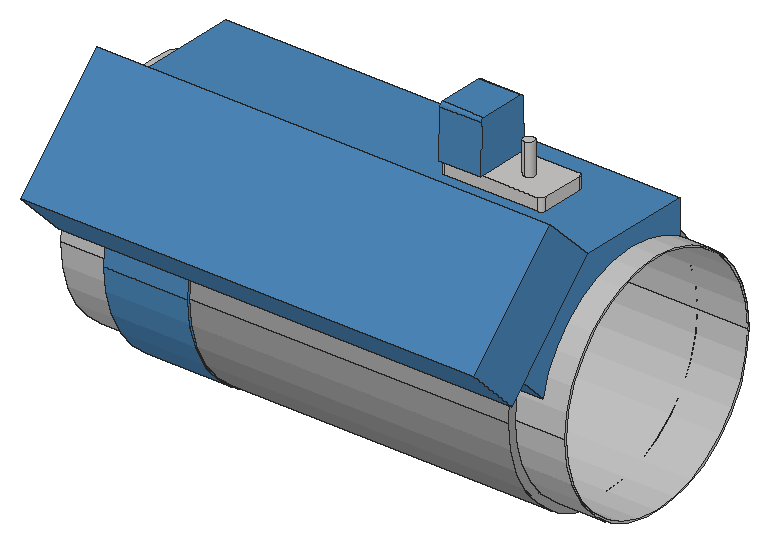
Revit family "02.25-2-2026-EcoAir Valves", category Duct Accessories, Revit 2020
Family settings
  Round Connector Dimension = Use Diameter
  Part Type = Damper
  OmniClass Number = 23.75.65.14.14.17
  OmniClass Title = Flow Controls
  Work Plane-Based = No
  Always vertical = Yes
  Cut with Voids When Loaded = Yes
  Shared = No
Parameters (values of type "14")
  Unit Component Apparent Power = 0 VA
  Type 3 = and([3], or([10], [12], [14]))  # no
  Type 2 = and([2], or([10], [12], [14]))  # no
  Triatek Products [instance] = "https://www.triatek.com/products-and-solutions/air-valves/ecoair-valves.html"
  Size 8 Visibility = if(Single, 1 = 1, if(Show Invalid Model, 1 = 1, 1 = 0))  # yes
  Show Invalid Model = if(and(or([2], [3]), not(or([10], [12], [14]))), 1 = 1, 1 = 0)  # no
  Selected Unit Size [instance] = if([08], "08", if([10], "10", if([12], "12", if([14], "14", "Select Valid Unit Size"))))  # "14"
  Round Length = if(Single, 0", 10")  # 0"
  Round Distance = if(Single, A, 5")  # 30"
  Round Connector Description = if(Valve Dia = 1", "Disabled", "Round Duct Conector")  # "Round Duct Conector"
  Performance Selection Software [instance] = ""
  Model = "Eco-Air Valve"  # constant formula
  Invalid Material = Area - Warning
  Distance = if(Single, 5", 0")  # 5"
  Design Voltage = 0 V
  Design Air Flow = 0 CFM
  Default Elevation = 0"
  D3 = D2 / 2 - 1" - Inner Dia / 2  # 16.275"
  c1 = C / 2 - 1" - Inner Dia / 2  # 9"
  Show Single Eco = and(not(Single), or([10], [12], [14]))  # no
  Outer Rad = Outer Dia / 2  # 7.18"
  Outer Dia = Dia + 0.87" - 0.13"  # 14.36"
  Inner Dia = if([08], 8", if([10], 10", if([12], 12", if([14], 14", 8")))) - 0.25"  # 13.75"
  D2 = if(and([3], [10]), 33.75", if(and([3], [12]), 40", if(and([3], [14]), 48.3", 48.3")))  # 48.3"
  D1 = if(and([2], [10]), 22.63", if(and([2], [12]), 26.75", if(and([2], [14]), 32.15", 22.63")))  # 22.63"
  Connector Distance = if(Single, 5", A)  # 5"
  Connector Description = if(Collar Width = 1", "Disabled", "Rectangular Duct Conector")  # "Disabled"
  Collar Width = if(Single, 1", C)  # 1"
  Collar Height = if(Single, 1", D)  # 1"
  Valve Dia = if(Single, Dia, 1")  # 13.62"
  C3 = C / 2 - 1" - Inner Dia / 2  # 9"
  C2 = if(Single, 0", C / 2 - 1" - Inner Dia / 2)  # 0"
  Actual Power Factor = 1
  3 Way Eco = and(not(or([2], Single)), or([10], [12], [14]))  # no
  3 = 1 = 0  # no
  2 way Eco = and(not(Single), or([10], [12], [14]))  # no
  2 = 1 = 0  # no
  14 = Select Unit Size > 3  # yes
  12 = Select Unit Size = 3  # no
  10 = Select Unit Size = 2  # no
  Single = 1 = 1  # yes
  08 = Select Unit Size < 2  # no
  Weight per sq ft = 0
  URL = "https://www.triatek.com/"
  Triple- 90 VA = [3]  # no
  Single-30 VA = Single  # yes
  Shaft and Support Material = Metal - Steel
  Series [instance] = ""
  Selected Valve Housing [instance] = "SS316 18 Gauge"  # constant formula
  Selected Shaft Bearings [instance] = "PTFE"  # constant formula
  Selected Shaft [instance] = "SS316 5/8 in. Round Stock"  # constant formula
  Selected Seal [instance] = "Neaoprene"  # constant formula
  Selected Model [instance] = if(Show Invalid Model, "Invalid Selection", if(Single, "1-Single", if([2], "2", if([3], "3", "Select Valid Type"))))  # "1-Single"
  Selected Material [instance] = "Aluminum"  # constant formula
  Selected Air Fins [instance] = "Formex"  # constant formula
  Show Room Tag = no
  Select Unit Size = 4
  Room Tag [instance] = "[Enter Tag Here]"
  Product Manufacture [instance] = Manufacturer  # "Triatek"
  Product Documents [instance] = "https://www.triatek.com/products-and-solutions/air-valves.html"
  Power Requirements = if([Single-30 VA], "Single-30 VA", if([Dual-60 VA], "Dual-60 VA", "Triple- 90 VA"))  # "Single-30 VA"
  Outer Prevention Material = Metal - Aluminum - Powder Coated - Pearl White
  Operating Pressure = "0.01 in W.G. to 10 in W.G. differential pressure across valve"  # constant formula
  Network = "BACnet MS/TP"  # constant formula
  Model Description [instance] = Description  # "Ultra-low pressure drop air valve"
  Manufacturer = "Triatek"  # constant formula
  Input Power = "24 VAC 20% 50Hz/60Hz"  # constant formula
  Humidity = "0% RH to 90% RH"  # constant formula
  Material = Metal - Aluminum - Satin
  Failure Modes = "FA= Fail to close or open (optimal for critical applications)"  # constant formula
  Dual-60 VA = [2]  # no
  Dia = if([08], 7.88", if([10], 9.74", if([12], 11.68", if([14], 13.62", 7.88"))))  # 13.62"
  Description = "Ultra-low pressure drop air valve"  # constant formula
  D = if([10], 11.44", if([12], 13.5", if([14], 16", 11.44")))  # 16"
  Copyright © [instance] = "©2026, Triatek Inc."  # constant formula
  Controller Material = Paint - Powder - York Blue
  Contact a Triatek Rep [instance] = "https://www.triatek.com/find-a-rep.html"
  CFM Feedback Signal = "0 VDC to 10 VDC with Default Scaling set to 1V=100 CFM"  # constant formula
  CFM Command Signal = "0 VDC to 10 VDC with Default Scaling set to 1V=100 CFM"  # constant formula
  C = if(and([2], [10]), 22.63", if(and([3], [10]), 33.75", if(and([2], [12]), 26.75", if(and([3], [12]), 40", if(and([2], [14]), 32.15", if(and([3], [14]), 48.3", 33.75"))))))  # 33.75"
  B = if([08], 11.92", if([10], 14.45", if([12], 16.44", if([14], 18.38", 11.92"))))  # 18.38"
  Ambient Environment Temperature = "-22 F to 122  F (-30 C to 50 C)"  # constant formula
  Airstream Operating Temperature = "0 F to 122 F (-7.78 C to 50 C)"  # constant formula
  Actual Shipping Weight [instance] = 0 lbm
  Accuracy = "5% or 10cfm Whichever is greater"  # constant formula
  A = if([08], 23", if([10], 26", if([12], 26.8", if([14], 30", 23"))))  # 30"
Types (4): name | Selected Unit Size | Round Distance | D3 | c1 | Outer Rad | Outer Dia | Inner Dia | Valve Dia | C3 | 14 | 12 | 10 | 08 | Select Unit Size | Dia | D | B | A
  08 | "08" | 23" | 19.275" | 12" | 4.31" | 8.62" | 7.75" | 7.88" | 12" | no | no | no | yes | 1 | 7.88" | 11.44" | 11.92" | 23"
  12 | "12" | 26.8" | 17.275" | 10" | 6.21" | 12.42" | 11.75" | 11.68" | 10" | no | yes | no | no | 3 | 11.68" | 13.5" | 16.44" | 26.8"
  10 | "10" | 26" | 18.275" | 11" | 5.24" | 10.48" | 9.75" | 9.74" | 11" | no | no | yes | no | 2 | 9.74" | 11.44" | 14.45" | 26"
  14 | "14" | 30" | 16.275" | 9" | 7.18" | 14.36" | 13.75" | 13.62" | 9" | yes | no | no | no | 4 | 13.62" | 16" | 18.38" | 30"
Reference planes (in)
  plane 1 "Center (Front/Back)": y = 0
  plane 2: z = 0.00052
  plane 3 "Center (Left/Right)": x = 0
  plane 4: y = 16.875
  plane 5: y = -16.875
  plane 6: x = -15
  plane 7: x = 15
  plane 8: z = 11.57052
  plane 9: z = 0.00052
  plane 10: z = 8.00052
  plane 11: z = -7.99948
  plane 12: y = 0
  plane 13: y = 9
  plane 14: z = 6.81052
  plane 15: z = -6.80948
  plane 16: x = 17
  plane 17: x = -17
Lines and regions (in)
  model lines, style "Model_Line", detail levels coarse
    curve 1: line (17, -16.875, 8.00052) -> (17, 16.875, 8.00052)
    curve 2: line (17, -16.875, -7.99948) -> (17, -16.875, 8.00052)
    curve 3: line (17, 16.875, -7.99948) -> (17, -16.875, -7.99948)
    curve 4: line (17, 16.875, 8.00052) -> (17, 16.875, -7.99948)
    curve 5: line (-17, -16.875, 8.00052) -> (-17, 16.875, 8.00052)
    curve 6: line (-17, -16.875, -7.99948) -> (-17, -16.875, 8.00052)
    curve 7: line (-17, 16.875, -7.99948) -> (-17, -16.875, -7.99948)
    curve 8: line (-17, 16.875, 8.00052) -> (-17, 16.875, -7.99948)
    curve 9: line (-17, 16.875, -7.99948) -> (17, 16.875, -7.99948)
    curve 10: line (-17, -16.875, -7.99948) -> (17, -16.875, -7.99948)
    curve 11: line (-17, 16.875, 8.00052) -> (17, 16.875, 8.00052)
    curve 12: line (-17, -16.875, 8.00052) -> (17, -16.875, 8.00052)
  reference lines
    curve 13: line (-2.5, 5, 0.00052) -> (2.5, 5, 0.00052)
    curve 14: line (-15, 0, 0.00052) -> (15, 0, 0.00052)
Dimensions and locks (in)
  "B": plane 8 to plane 15
  equal spacing: plane 7, plane 3 "Center (Left/Right)", plane 6
  "A": plane 7 to plane 6
  equal spacing: plane 5, plane 1 "Center (Front/Back)", plane 4
  "C": plane 5 to plane 4
  equal spacing: plane 10, plane 9, plane 11
  "D": plane 10 to plane 11
  "C2": plane 12 to plane 1 "Center (Front/Back)"
  "c1": plane 1 "Center (Front/Back)" to plane 13
  equal spacing: plane 14, plane 9, plane 15
  "Dia": plane 14 to plane 15
  locked: plane 16 to plane 7 at 2
  locked: plane 6 to plane 17 at 2
  "Connector Distance": curve 13 to curve 13
  equal spacing: curve 13, plane 3 "Center (Left/Right)", curve 13
  "Distance": plane 1 "Center (Front/Back)" to curve 13
  equal spacing: curve 14, plane 3 "Center (Left/Right)", curve 14
  "Round Distance": curve 14 to curve 14
  "Round Length": curve 14 to plane 1 "Center (Front/Back)"
  aligned and locked: plane 2 to level
  aligned and locked: nested 1 to plane 1 "Center (Front/Back)"
  aligned and locked: plane 9 to nested 1
  aligned and locked: nested 1 to plane 7
  aligned and locked: curve 4 to plane 4
  aligned and locked: curve 8 to plane 4
  aligned and locked: plane 5 to curve 2
  aligned and locked: plane 5 to curve 6
  aligned and locked: plane 11 to curve 3
  aligned and locked: curve 5 to plane 10
  aligned and locked: curve 1 to plane 10
  aligned and locked: plane 11 to curve 7
  aligned and locked: plane 16 to curve 10
  aligned and locked: plane 17 to curve 10
  aligned and locked: curve 10 to plane 5
  aligned and locked: plane 16 to curve 12
  aligned and locked: plane 17 to curve 12
  aligned and locked: curve 12 to plane 5
  aligned and locked: plane 16 to curve 9
  aligned and locked: plane 17 to curve 9
  aligned and locked: curve 9 to plane 4
  aligned and locked: plane 16 to curve 11
  aligned and locked: plane 17 to curve 11
  aligned and locked: curve 11 to plane 4
  aligned and locked: plane 3 "Center (Left/Right)" to nested 2
  aligned and locked: plane 1 "Center (Front/Back)" to nested 2
  aligned and locked: nested 3 to plane 8
  aligned and locked: nested 3 to plane 1 "Center (Front/Back)"
  aligned and locked: plane 3 "Center (Left/Right)" to nested 3
  aligned and locked: plane 2 to plane 9
Nested families (in)
  nested 1: "Titus_EcoAir" at (0, 0, 0) x (0, 1, 0) z (0, 0, 1), visible <- "Size 8 Visibility", type "Titus_EcoAir", detail levels medium+fine
    with Series "", Selected Material "Aluminum", Product Manufacture "", Product Documentation Link "", Model Description "", Copyright © "©2024, Titus", Contact a Titus Rep "", Actual Shipping Weight 0 lbm, SSM Length 21", Length 25", C Height 17.15", 14 yes, 10 no, Support 2 6.5", Support 1 1.95", Outer dia 1 14.56", Outer Dia 14.69", Inner Dia 13.49", Dia 13.62", Controller Side distance 3", Controller Length 27", Controller Distance 1 11.81", Controller Distance 7.81", Outer Rad 7.345", C 19.15", B 18.38", A 30"
  nested 2: "Model_Name" at (0, 0, 0), visible <- "Show Room Tag", type "Model_Name"
  nested 3: "Invalid Model Text" at (0, 0, 11.57052) x (0, 1, 0) z (0, 0, 1), Material <- "Invalid Material", type "Invalid Model Text"
    with Material Area - Warning
  nested 4: "Warning-Message-ADT_Readme" at (3, -47.36556, 0), type "Warning-Message-JCI_Readme", not visible
Connectors (in)
  hvac at (15, 0, 0.00052), driven by "Valve Dia", driven by "Design Air Flow", driven by "Round Connector Description"
    settings: on curve 14, index 8, duct flow 0 CFM, flow factor 0, pres drop 0.00 in-wg, loss coef 0, conn angle 0.00°, conn width 12", conn height 12", conn diameter 13.62", duct sys type 1, conn prof type 0, flow config 0, flow direction 0, loss method 0, conn ref index -1, conn util no, is conn primary yes, conn desc "Round Duct Conector"
  hvac at (-15, 0, 0.00052), driven by "Valve Dia", driven by "Design Air Flow", driven by "Round Connector Description"
    settings: on curve 14, index 9, duct flow 0 CFM, flow factor 0, pres drop 0.00 in-wg, loss coef 0, conn angle 0.00°, conn width 12", conn height 12", conn diameter 13.62", duct sys type 1, conn prof type 0, flow config 0, flow direction 0, loss method 0, conn ref index -1, conn util no, is conn primary no, conn desc "Round Duct Conector"
  electrical at (6.37767, 0, 8.5324), driven by "Design Voltage", driven by "Unit Component Apparent Power", driven by "Actual Power Factor"
    settings: on nested 1, index 10, voltage 0 V, apparent load 0 VA, apparent load phase1 0 VA, apparent load phase2 0 VA, apparent load phase3 0 VA, power factor 1, load classification "Other", number of poles 1, system type 31, power factor state 1, is connector primary yes, connector utility no, sub classification motor no, connector description "Electrical Connector"
Definition of nested family "Titus_EcoAir"
  Parameters (values of type "Titus_EcoAir")
    SSM Length = Length - 4"  # 17"
    Length = Controller Length - 2"  # 21"
    Default Elevation = 0"
    Controller Visibility = yes
    C Height = if([08], 11.29", if([10], 13.15", if([12], 15.15", if([14], 17.15", 11.29"))))  # 13.15"
    Box Visibility = no
    14 = no
    12 = no
    10 = yes
    08 = no
    Weight per sq ft = 0
    URL = ""
    Support 2 = if([08], 5", if([10], 6", if([12], 6.25", if([14], 6.5", 5.75"))))  # 6"
    Support 1 = if([08], 2", if([10], 2.2", if([12], 2", if([14], 1.95", 2.31"))))  # 2.2"
    Shaft and Support Material = none
    Series [instance] = ""
    Selected Material [instance] = "Aluminum"  # constant formula
    Product Manufacture [instance] = Manufacturer  # ""
    Product Documentation Link [instance] = ""
    Outer dia 1 = Outer Dia - 0.13"  # 10.68"
    Outer Prevention Material = none
    Outer Dia = Dia + 0.87" + 0.2"  # 10.81"
    Model Description [instance] = Description  # ""
    Manufacturer = ""
    Inner Dia = if([08], 7.88", if([10], 9.74", if([12], 11.68", if([14], 13.62", 7.88")))) - 0.13"  # 9.61"
    Frame & Blade Material = none
    Dia = if([08], 7.88", if([10], 9.74", if([12], 11.68", if([14], 13.62", 7.88"))))  # 9.74"
    Description = ""
    Copyright © [instance] = "©2024, Titus"  # constant formula
    Controller Side distance = if([08], 2.01", if([10], 2.3", if([12], 2.6", if([14], 3", 2.01"))))  # 2.3"
    Controller Material = none
    Controller Length = A - 3"  # 23"
    Controller Distance 1 = if([08], Controller Distance + 2.4", if([10], Controller Distance + 3.2", if([12], Controller Distance + 3.68", if([14], Controller Distance + 4", Controller Distance + 2.4"))))  # 9.07"
    Controller Distance = Dia / 2 + 1"  # 5.87"
    Contact a Titus Rep [instance] = ""
    Outer Rad = Outer Dia / 2  # 5.405"
    C = if([08], 13.79", if([10], 15.78", if([12], 17.47", if([14], 19.15", 13.79"))))  # 15.78"
    B = if([08], 11.92", if([10], 14.45", if([12], 16.44", if([14], 18.38", 11.92"))))  # 14.45"
    Actual Shipping Weight [instance] = 0 lbm
    A = if([08], 23", if([10], 26", if([12], 26.8", if([14], 30", 23"))))  # 26"
  Reference planes (in)
    plane 1 "Center (Front/Back)": y = 0
    plane 2: z = 0.00052
    plane 3 "Center (Left/Right)": x = 0
    plane 4: y = -13
    plane 5: y = 13
    plane 6: z = 9.58052
    plane 7: z = -4.86948
    plane 8: z = 4.87052
    plane 9: y = 11.375
    plane 10: y = -11.51781
    plane 11: y = -11.51781
    plane 12: y = 11.48219
    plane 13: x = 5.405
    plane 14: x = -10.375
    plane 15: y = 5
    plane 16: y = 10
    plane 17: z = -5.40448
    plane 18: y = -1.35517
    plane 19: y = -3.80827
    plane 20: y = -7.40017
    plane 21: y = -7.5
    plane 22: y = -10
    plane 23: z = 6.59052
  Forms (in)
    Extrusion 1, solid, material <- "Frame & Blade Material"
      sketch origin (0, 0, 0) x (1, 0, 0) y (0, 0, 1)
        loop
          circle (0, 0.00052) r 4.87
        loop
          circle (0, 0.00052) r 4.805
      from -13 to 13
    Extrusion 2, solid, material <- "Controller Material", visible <- "Controller Visibility"
      sketch origin (0, 0, 0) x (1, 0, 0) y (0, 0, 1)
        loop
          line (-8.08829, 0.21366) -> (-2.43143, 5.87052) -> (-4.69417, 8.13326) -> (-10.35103, 2.4764) -> (-8.08829, 0.21366)
      from -11.48219 to 11.51781
    Extrusion 3, solid, material <- "Controller Material"
      sketch origin (0, 0, 0) x (1, 0, 0) y (0, 0, 1)
        loop
          circle (0, 0.00052) r 4.87
        loop
          circle (0, 0.00052) r 5.405
      from -10 to -5
    Extrusion 4, solid, material <- "Controller Material"
      sketch origin (0, 0, 0) x (1, 0, 0) y (0, 0, 1)
        loop
          line (-1.55045, 9.38723) -> (-1.62186, 6.59052) -> (1.62186, 6.59052) -> (1.55045, 9.38723)
          arc (1.55045, 9.38723) -> (1.48959, 9.52429) -> (1.35057, 9.58052) r 0.2
          line (1.35057, 9.58052) -> (-1.35057, 9.58052)
          arc (-1.35057, 9.58052) -> (-1.48959, 9.52429) -> (-1.55045, 9.38723) r 0.2
      from 1.35517 to 3.80827
    Extrusion 5, solid, material <- "Shaft and Support Material"
      sketch origin (-60, -180.25, -16.25) x (-1, 0, 0) y (0, -1, 0)
        loop
          circle (-60, -174.84983) r 0.3125
      from 11.38052 to 24.53052
    Extrusion 6, solid, material <- "Shaft and Support Material"
      sketch origin (-60, -180, -16.25) x (-1, 0, 0) y (0, -1, 0)
        loop
          arc (-58.7488, -178.64483) -> (-58.57203, -178.57161) -> (-58.4988, -178.39483) r 0.25
          line (-58.4988, -178.39483) -> (-58.4988, -172.84983)
          arc (-58.4988, -172.84983) -> (-58.57203, -172.67305) -> (-58.7488, -172.59983) r 0.25
          line (-58.7488, -172.59983) -> (-61.2512, -172.59983)
          arc (-61.2512, -172.59983) -> (-61.42797, -172.67305) -> (-61.5012, -172.84983) r 0.25
          line (-61.5012, -172.84983) -> (-61.5012, -178.39483)
          arc (-61.5012, -178.39483) -> (-61.42797, -178.57161) -> (-61.2512, -178.64483) r 0.25
          line (-61.2512, -178.64483) -> (-58.7488, -178.64483)
      from 22.12052 to 22.84239
    Extrusion 7, solid, material <- "Outer Prevention Material"
      sketch origin (0, -6.25, 0) x (1, 0, 0) y (0, 0, 1)
        loop
          circle (0, 0.00052) r 4.87
        loop
          circle (0, 0.00052) r 5.34
      from -11.25 to 3.75
  Lines and regions (in)
    reference lines
      curve 1: line (0, 0, 0.00052) -> (7.42436, 0, 7.42488)
      curve 2: line (0, 0, 0.00052) -> (-7.07091, 0, 7.07143)
      curve 3: line (0, 0, 0.00052) -> (1.5, 0, 2.59859)
  Dimensions and locks (in)
    equal spacing: plane 4, plane 1 "Center (Front/Back)", plane 5
    "A": plane 4 to plane 5
    equal spacing: plane 8, plane 2, plane 7
    "Dia": plane 8 to plane 7
    locked: plane 4 to plane 10 at 1.48219
    locked: plane 9 to plane 5 at 1.625
    locked: Extrusion 2 sketch curve to Extrusion 2 sketch curve at 8
    locked: plane 4 to plane 11 at 1.48219
    "Controller Length": plane 12 to plane 11
    "C": plane 14 to plane 13
    locked: plane 5 to plane 16 at 3
    "Controller Distance": curve 1 to Extrusion 2 sketch curve
    "Controller Distance 1": curve 1 to Extrusion 2 sketch curve
    locked: plane 2 to curve 2 at 0
    locked: curve 2 to plane 3 "Center (Left/Right)" at 0
    "Outer Rad": plane 2 to plane 17
    "B": plane 6 to plane 7
    locked: plane 20 to plane 21 at 0.09983
    locked: plane 19 to plane 20 at 3.5919
    locked: plane 18 to plane 21 at 6.14483
    "C Height": Extrusion 5 to plane 7
    locked: Extrusion 6 to plane 8 at 1.72188
    locked: Extrusion 6 to plane 8 at 1
    "Outer Rad": plane 3 "Center (Left/Right)" to plane 13
    locked: Extrusion 5 sketch curve to plane 20 at 2
    locked: plane 16 to plane 15 at 5
    locked: plane 22 to plane 4 at 3
    locked: plane 23 to plane 8 at 1.72
    locked: plane 21 to plane 22 at 2.5
    locked: curve 3 to plane 2
    locked: curve 3 to plane 3 "Center (Left/Right)" at 0
    curve 3 to curve 3 = 3"
    "Inner Dia": diameter of Extrusion 1 sketch curve
    "Dia": diameter of Extrusion 1 sketch curve
    "Dia": diameter of Extrusion 3 sketch curve
    "Outer Dia": diameter of Extrusion 3 sketch curve
    radius of Extrusion 5 sketch curve = 0.3125"
    radius of Extrusion 6 sketch curve = 0.25"  (x4)
    "Dia": diameter of Extrusion 7 sketch curve
    "Outer dia 1": diameter of Extrusion 7 sketch curve
    radius of Extrusion 4 sketch curve = 0.2"  (x2)
    locked: Extrusion 2 sketch curve to curve 2 (angle 90.00°)  (x2)
    locked: curve 1 to Extrusion 2 sketch curve (angle 90.00°)  (x2)
    locked: plane 3 "Center (Left/Right)" to curve 1 (angle 135.00°)
    locked: plane 3 "Center (Left/Right)" to curve 2 (angle 45.00°)
    locked: plane 3 "Center (Left/Right)" to curve 3 (angle 150.00°)
    aligned and locked: plane 2 to level
    aligned and locked: plane 2 to Extrusion 1 sketch curve  (x2)
    aligned and locked: plane 3 "Center (Left/Right)" to Extrusion 1 sketch curve  (x2)
    aligned and locked: plane 5 to Extrusion 1
    aligned and locked: Extrusion 1 to plane 4
    aligned and locked: plane 11 to Extrusion 2
    aligned and locked: plane 12 to Extrusion 2
    aligned and locked: plane 2 to Extrusion 3 sketch curve
    aligned and locked: plane 3 "Center (Left/Right)" to Extrusion 3 sketch curve
    aligned and locked: Extrusion 3 to plane 15
    aligned and locked: plane 16 to Extrusion 3
    aligned and locked: plane 3 "Center (Left/Right)" to nested 1
    aligned and locked: plane 2 to nested 1
    aligned and locked: plane 11 to nested 1
    aligned and locked: Extrusion 2 sketch curve to nested 1
    aligned and locked: plane 3 "Center (Left/Right)" to Extrusion 5 sketch curve
    aligned and locked: Extrusion 6 sketch curve to plane 18
    aligned and locked: plane 20 to Extrusion 6 sketch curve
    aligned and locked: plane 18 to Extrusion 4
    aligned and locked: Extrusion 4 to plane 19
    aligned and locked: plane 15 to Extrusion 7
    aligned and locked: Extrusion 7 to plane 22
    aligned and locked: Extrusion 4 sketch curve to plane 23
    aligned and locked: plane 6 to Extrusion 4 sketch curve
    aligned and locked: Extrusion 5 to plane 7
    aligned and locked: nested 2 to nested 1
    aligned and locked: plane 12 to nested 2
  Automatic sketch dimensions
    Extrusion 3 sketch curve to Extrusion 3 sketch curve = 0"  (x2)
    plane 3 "Center (Left/Right)" to Extrusion 6 sketch curve = 1.5012"
    Extrusion 6 sketch curve to plane 3 "Center (Left/Right)" = 1.2512"
    Extrusion 7 sketch curve to Extrusion 7 sketch curve = 0"  (x2)
    Extrusion 7 sketch curve to plane 2 = 0"
    Extrusion 7 sketch curve to plane 3 "Center (Left/Right)" = 0"
    Extrusion 4 sketch curve to plane 3 "Center (Left/Right)" = 1.62186"
    Extrusion 4 sketch curve to plane 6 = 0.19329"  (x2)
    Extrusion 4 sketch curve to plane 3 "Center (Left/Right)" = 1.55045"
    plane 3 "Center (Left/Right)" to Extrusion 4 sketch curve = 1.35057"
    plane 3 "Center (Left/Right)" to Extrusion 4 sketch curve = 1.62186"
  Nested families (in)
    nested 1: "Family1" at (0, -11.51781, 0.00052), type "Family1"
      with X1 5.37", Support Distance 23", R+1 5.87", D 9.74", B1 4.87", A1 4.87"
    nested 2: "Box" at (-4.15072, 11.48219, 4.15123) x (-0.7071, 0, -0.7071) z (-0.7071, 0, 0.7071), type "Box"
      with Dist 17", Box no
  Definition of nested family "Family1"
    Parameters (values of type "Family1")
      X1 = [R+1] - 0.5"  # 7.44"
      Support Distance = 27"
      R+1 = D / 2 + 1"  # 7.94"
      Material = none
      Default Elevation = 0"
      D = 13.88"
      B1 = D / 2  # 6.94"
      A1 = D / 2  # 6.94"
    Reference planes (in)
      plane 1 "Center (Front/Back)": y = 0
      plane 2: z = 0
      plane 3 "Center (Left/Right)": x = 0
      plane 4: y = 27
      plane 5: y = 25.75
      plane 6: y = 20.25
    Forms (in)
      Extrusion 1, solid, not visible
        sketch origin (0, 0, 0) x (1, 0, 0) y (0, 0, 1)
          loop
            circle (0, 0) r 6.94
        from -27 to 0
      Extrusion 2, solid, material <- "Material"
        sketch origin (0, 0, 0) x (1, 0, 0) y (0, 0, 1)
          loop
            line (3.65114, 5.90193) -> (3.65114, 7.94) -> (-3.28886, 7.94) -> (-8.19618, 3.03268) -> (-6.75504, 1.59154)
            arc (-6.75504, 1.59154) -> (-2.65582, 6.41172) -> (3.65114, 5.90193) r 6.94
        from -27 to 0
      Extrusion 3, void
        sketch origin (0, 0, 0) x (1, 0, 0) y (0, 0, 1)
          loop
            line (3.96485, 5.69592) -> (3.96485, 7.44) -> (-3.08175, 7.44) -> (-8.06445, 2.4573) -> (-6.8312, 1.22405)
            arc (-6.8312, 1.22405) -> (-2.65582, 6.41172) -> (3.96485, 5.69592) r 6.94
        from -25.75 to -20.25
    Cuts and joins
      Extrusion 3 cuts Extrusion 2
    Lines and regions (in)
      reference lines
        curve 1: line (-8.48528, 0, -8.48528) -> (10.07627, 0, 10.07627)
        curve 2: line (9.54594, 0, -9.54594) -> (-7.6014, 0, 7.6014)
        curve 3: line (3.94992, 0, -9.53594) -> (-4.46912, 0, 10.78941)
    Dimensions and locks (in)
      "R+1": Extrusion 2 sketch curve to plane 2
      "R+1": curve 1 to Extrusion 2 sketch curve
      "A1": Extrusion 2 sketch curve to Extrusion 2 sketch curve
      "B1": Extrusion 2 sketch curve to Extrusion 2 sketch curve
      "Support Distance": plane 4 to plane 1 "Center (Front/Back)"
      locked: Extrusion 3 sketch curve to Extrusion 2 at 0.31371  (x2)
      "X1": curve 1 to Extrusion 3 sketch curve
      "X1": Extrusion 3 sketch curve to plane 2
      locked: plane 5 to plane 6 at 5.5
      locked: plane 4 to plane 5 at 1.25
      "D": diameter of Extrusion 1 sketch curve
      "D": diameter of Extrusion 2 sketch curve
      "D": diameter of Extrusion 3 sketch curve
      angle Extrusion 2 sketch curve to curve 2 = 90.00°
      angle plane 3 "Center (Left/Right)" to curve 3 to curve 2 = 22.50°, 22.50°
      aligned and locked: plane 2 to level
      aligned and locked: plane 3 "Center (Left/Right)" to Extrusion 1 sketch curve
      aligned and locked: plane 2 to Extrusion 1 sketch curve
      aligned and locked: plane 3 "Center (Left/Right)" to Extrusion 2 sketch curve
      aligned and locked: plane 2 to Extrusion 2 sketch curve
      aligned and locked: plane 1 "Center (Front/Back)" to Extrusion 1
      aligned and locked: plane 4 to Extrusion 1
      aligned and locked: plane 1 "Center (Front/Back)" to Extrusion 2
      aligned and locked: plane 4 to Extrusion 2
      aligned and locked: plane 2 to Extrusion 3 sketch curve
      aligned and locked: plane 3 "Center (Left/Right)" to Extrusion 3 sketch curve
      aligned and locked: plane 5 to Extrusion 3
      aligned and locked: Extrusion 3 to plane 6
    Automatic sketch dimensions
      curve 1 to plane 3 "Center (Left/Right)" = 8.48528"
      plane 3 "Center (Left/Right)" to curve 3 = 3.94992"
      curve 3 to level = 9.53594"
      curve 2 to curve 3 = 3.13228"
      plane 3 "Center (Left/Right)" to curve 1 = 10.07627"
      curve 2 to curve 3 = 0.01"
      curve 1 to level = 8.48528"
      level to curve 1 = 10.07627"
  Definition of nested family "Box"
    Parameters (values of type "Box")
      Material = none
      Dist = 20"
      Default Elevation = 48"
      Box = yes
    Reference planes (in)
      plane 1 "Center (Front/Back)": y = 0
      plane 2: z = 0
      plane 3 "Center (Left/Right)": x = 0
      plane 4: z = 2.62
    Forms (in)
      Extrusion 1, solid, material <- "Material", visible <- "Box"
        sketch origin (0, 0, 0) x (1, 0, 0) y (0, 1, 0)
          loop
            line (-2.07261, 20) -> (-2.07261, 0) -> (2.07261, 0) -> (2.07261, 20) -> (-2.07261, 20)
        from 0 to 2.62
    Dimensions and locks (in)
      equal spacing: Extrusion 1 sketch curve, plane 3 "Center (Left/Right)", Extrusion 1 sketch curve
      "Dist": plane 1 "Center (Front/Back)" to Extrusion 1 sketch curve
      locked: Extrusion 1 sketch curve to Extrusion 1 sketch curve at 4.14522
      plane 4 to plane 2 = 2.62"
      aligned and locked: plane 2 to level
      aligned and locked: Extrusion 1 sketch curve to plane 1 "Center (Front/Back)"
      aligned and locked: Extrusion 1 to plane 2
      aligned and locked: plane 4 to Extrusion 1
Definition of nested family "Model_Name"
  Parameters (values of type "Model_Name")
    Width = 0.73438"
    Model Name = "[Enter-Tag here]"
  Reference planes (in)
    plane 1: y = 0
    plane 2: x = 0
  Text (in)
    label "XX" at (-0.00532, -0.00012, 0), shows "Model Name"
Definition of nested family "Invalid Model Text"
  Parameters (values of type "Invalid Model Text")
    Visibility = no
    Material [instance] = none
    Default Elevation = 48"
  Reference planes (in)
    plane 1 "Center (Front/Back)": y = 0
    plane 2: z = 0
    plane 3 "Center (Left/Right)": x = 0
  Dimensions and locks (in)
    aligned and locked: plane 2 to level
    aligned and locked: plane 1 "Center (Front/Back)" to text3d elem
Definition of nested family "Warning-Message-ADT_Readme"
  Parameters (values of type "Warning-Message-JCI_Readme")
    URL = "http://www.johnsoncontrols.com/"
    Manufacturer = "Johnson Controls, Inc."  # constant formula
    Copyright = "Copyright © 2017"  # constant formula
  Reference planes (in)
    plane 1: y = 0
    plane 2: x = 0
  Text (in)
    text "Air Distribution Technologies Inc. Building Information Modeling (BIM) Legal Disclaimer \n\nThe Air Distribution Technologies, Inc. (ADT) product, product-related information, specifications, content included herein, and any designs and dimensions related thereto (all together, the Product) is provided for informational purposes only and shall not be used as a replacement for or alternative to professional design engineering and evaluation of the Product. \nADT is providing the Product as a courtesy and such Product is meant to assist in design and planning. A licensed design professional or licensed engineer in the appropriate field of engineering must conduct a complete and thorough review and evaluation of the Product before relying on such information. ADT by providing the Product, shall not be deemed a design professional, licensed engineer or professional in a similar position capable of evaluating the reliability of the Product. ADT makes no representations or warranties as to the form or content of the Product. The Product is provided as is, and ADT specifically disclaims all warranties, express or implied (including warranty of merchantability and fit for a particular purpose), as to the accuracy, completeness, validity, reliability, or the compliance with local, state or foreign laws, rules or regulations related to the Product as well as any data or information generated therefrom. ADT makes no warranty that the (i) Product will meet the requirements of the user; (ii) Product will be error-free; (iii) results obtained from the use of the Product will be accurate or reliable; (iv) quality of the Product will meet users expectations or intended use; or (v) errors in the Product will be corrected. Any reliance upon the Product is at the sole risk and discretion of the user. \nThe user of the Product understands and agrees that the Product contained herein has not been certified by a licensed design professional or licensed engineer and the use and implementation of the Product involves a degree of risk which risk is hereby accepted by the user. ADT specifically disclaims any liability associated with such risk. \nADT, its employees, directors, officers, agents, or affiliates (ADT Parties) shall in no way be liable for any claim, demand, loss, damage, personal injury, expense, or liability, whether direct or indirect, of any kind whatsoever which in any way arises out of or is connected with the use, implementation or incorporation of the Product. Under no circumstances will ADT Parties be liable for any indirect  losses or damages in any way connected with the use or inability to use the Product. This is a comprehensive limitation of liability that applies to all losses and damages of any kind, whether based on contract, tort, strict liability, or other legal theories, and whether such damages are characterized as general, special, consequential, incidental, exemplary or otherwise, even if ADT is expressly advised of the possibility of such damages. \n\nThe Product is the property of ADT and is protected by intellectual property laws, including copyright laws. The user of the Product agrees to be bound by any such intellectual property and copyright laws and shall not use or otherwise incorporate the Product in violation of such laws. \n\nThe Product and all related products may not be complete and are subject to changes, updates and improvements. ADT specifically reserves its right to change, modify or alter any Product data, information, and specifications without notice to any user and disclaims any obligation to do so." at (-11.94588, 0.36763, 0)
